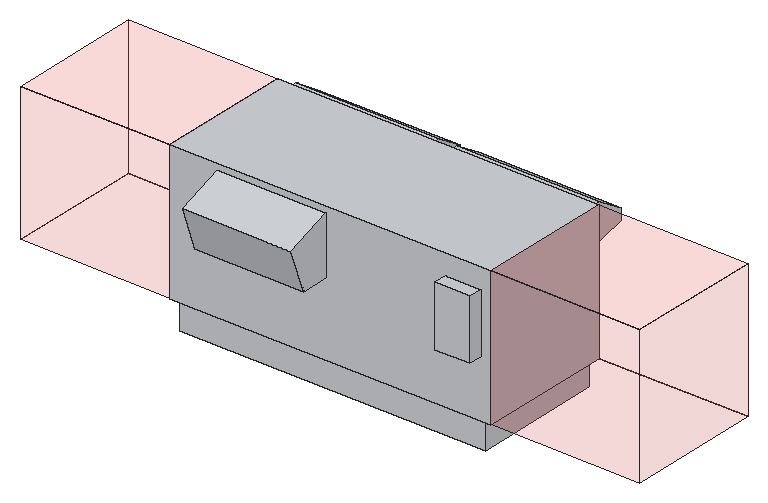
Revit family
Parameters (values of type "208 V Single Phase")
  Weight Scheduled [instance] = 2765  # constant formula
  Voltage Workaround = Voltage / 1 V  # 208
  Voltage Scheduled = Voltage  # 208 V
  Voltage = 208 V
  VoltAmps Workaround [instance] = Voltage Workaround * Total FLA * sqrt(Phase)  # 0
  VoltAmps [instance] = VoltAmps Workaround * 1 VA  # 0 VA
  VFD [instance] = yes
  URL = "http://www.renewaire.com/products/commercial-products/outdoor-models/le8xrt"
  Total FLA [instance] = if(or(Supply Motor FLA = 0, Exhaust Motor FLA = 0), 0, (Supply Motor FLA * Supply Motor Count) + (Exhaust Motor FLA * Exhaust Motor Count))  # 0
  Supply Motor RPM Scheduled [instance] = Supply Motor RPM  # 0
  Supply Motor RPM [instance] = if(and(or(Supply ESP = 0, Supply ESP > 0), Supply ESP < 0.25), if(Supply Motor HP = 3, if(Supply CFM > 6890 CFM, 0, if(Supply CFM > 6460 CFM, 837, if(Supply CFM > 6030 CFM, 796, if(Supply CFM > 5590 CFM, 755, if(Supply CFM > 5140 CFM, 714, if(Supply CFM > 4670 CFM, 673, 632)))))), if(Supply Motor HP = 5, if(Supply CFM > 8430 CFM, 0, if(Supply CFM > 7970 CFM, 982, if(Supply CFM > 7530 CFM, 940, if(Supply CFM > 7090 CFM, 898, if(Supply CFM > 6890 CFM, 857, if(Supply CFM > 6220 CFM, 815, 773)))))), if(Supply Motor HP = 7.5, if(Supply CFM > 8800 CFM, 0, if(Supply CFM > 8630 CFM, 1041, 1000)), 0))), if(and(or(Supply ESP = 0.25, Supply ESP > 0.25), Supply ESP < 0.5), if(Supply Motor HP = 3, if(Supply CFM > 6010 CFM, 0, if(Supply CFM > 5520 CFM, 837, if(Supply CFM > 5020 CFM, 796, if(Supply CFM > 4500 CFM, 755, if(Supply CFM > 3960 CFM, 714, if(Supply CFM > 3390 CFM, 673, 632)))))), if(Supply Motor HP = 5, if(Supply CFM > 7730 CFM, 0, if(Supply CFM > 7230 CFM, 982, if(Supply CFM > 6740 CFM, 940, if(Supply CFM > 6250 CFM, 898, if(Supply CFM > 6010 CFM, 857, if(Supply CFM > 5240 CFM, 815, 773)))))), if(Supply Motor HP = 7.5, if(Supply CFM > 8800 CFM, 0, if(Supply CFM > 8450 CFM, 1082, if(Supply CFM > 7950 CFM, 1041, 1000))), 0))), if(and(or(Supply ESP = 0.5, Supply ESP > 0.5), Supply ESP < 0.75), if(Supply Motor HP = 3, if(Supply CFM > 5040 CFM, 0, if(Supply CFM > 4470 CFM, 837, if(Supply CFM > 3880 CFM, 796, if(Supply CFM > 3260 CFM, 755, if(Supply CFM > 2620 CFM, 714, 673))))), if(Supply Motor HP = 5, if(Supply CFM > 6980 CFM, 0, if(Supply CFM > 6420 CFM, 982, if(Supply CFM > 5870 CFM, 940, if(Supply CFM > 5310 CFM, 898, if(Supply CFM > 5040 CFM, 857, if(Supply CFM > 4140 CFM, 815, 773)))))), if(Supply Motor HP = 7.5, if(Supply CFM > 8800 CFM, 0, if(Supply CFM > 8310 CFM, 1122, if(Supply CFM > 7760 CFM, 1082, if(Supply CFM > 7210 CFM, 1041, 1000)))), 0))), if(and(or(Supply ESP = 0.75, Supply ESP > 0.75), Supply ESP < 1), if(Supply Motor HP = 3, if(Supply CFM > 3920 CFM, 0, if(Supply CFM > 3250 CFM, 837, if(Supply CFM > 2540 CFM, 796, 755))), if(Supply Motor HP = 5, if(Supply CFM > 6140 CFM, 0, if(Supply CFM > 5520 CFM, 982, if(Supply CFM > 4880 CFM, 940, if(Supply CFM > 4240 CFM, 898, if(Supply CFM > 3920 CFM, 857, if(Supply CFM > 2850 CFM, 815, 773)))))), if(Supply Motor HP = 7.5, if(Supply CFM > 8500 CFM, 0, if(Supply CFM > 8190 CFM, 1163, if(Supply CFM > 7600 CFM, 1122, if(Supply CFM > 7000 CFM, 1082, if(Supply CFM > 6400 CFM, 1041, 1000))))), 0))), if(and(or(Supply ESP = 1, Supply ESP > 1), Supply ESP < 1.25), if(Supply Motor HP = 3, if(Supply CFM > 2570 CFM, 837, 0), if(Supply Motor HP = 5, if(Supply CFM > 5180 CFM, 0, if(Supply CFM > 4470 CFM, 982, if(Supply CFM > 3730 CFM, 940, if(Supply CFM > 2960 CFM, 898, if(Supply CFM > 2570 CFM, 857, if(Supply CFM > 1240 CFM, 815, 773)))))), if(Supply Motor HP = 7.5, if(Supply CFM > 8120 CFM, 0, if(Supply CFM > 7460 CFM, 1163, if(Supply CFM > 6820 CFM, 1122, if(Supply CFM > 6160 CFM, 1082, if(Supply CFM > 5480 CFM, 1041, 1000))))), 0))), if(and(or(Supply ESP = 1.25, Supply ESP > 1.25), Supply ESP < 1.5), if(Supply Motor HP = 5, if(Supply CFM > 4050 CFM, 0, if(Supply CFM > 3180 CFM, 982, if(Supply CFM > 2250 CFM, 940, 898))), if(Supply Motor HP = 7.5, if(Supply CFM > 7370 CFM, 0, if(Supply CFM > 6640 CFM, 1163, if(Supply CFM > 5930 CFM, 1122, if(Supply CFM > 5180 CFM, 1082, if(Supply CFM > 4400 CFM, 1041, 1000))))), 0)), if(and(or(Supply ESP = 1.5, Supply ESP > 1.5), Supply ESP < 1.75), if(Supply Motor HP = 5, if(Supply CFM > 2550 CFM, 982, 0), if(Supply Motor HP = 7.5, if(Supply CFM > 7310 CFM, 0, if(Supply CFM > 6510 CFM, 1204, if(Supply CFM > 5700 CFM, 1163, if(Supply CFM > 4880 CFM, 1122, if(Supply CFM > 3980 CFM, 1082, if(Supply CFM > 3010 CFM, 1041, 1000)))))), 0)), if(and(or(Supply ESP = 1.75, Supply ESP > 1.75), Supply ESP < 2), if(Supply Motor HP = 7.5, if(Supply CFM > 6420 CFM, 0, if(Supply CFM > 5500 CFM, 1204, if(Supply CFM > 4540 CFM, 1163, if(Supply CFM > 3510 CFM, 1122, if(Supply CFM > 2270 CFM, 1082, 1041))))), 0), if(Supply ESP = 2, if(Supply Motor HP = 7.5, if(Supply CFM > 5320 CFM, 0, if(Supply CFM > 4200 CFM, 1204, if(Supply CFM > 2870 CFM, 1163, 1122))), 0), 0)))))))))  # 0
  Supply Motor HP Scheduled [instance] = Supply Motor HP  # 0
  Supply Motor HP [instance] = 0
  Supply Motor FLA [instance] = if(VFD, if(Supply Motor BHP = 0, 0, if(Supply Motor HP = 3, if(and(or(Voltage = 208 V, Voltage = 230 V), Phase = 1), 9.38, if(and(or(Voltage = 208 V, Voltage = 230 V), Phase = 3), 9.38, if(and(Voltage = 460 V, Phase = 3), 4.24, if(and(Voltage = 575 V, Phase = 3), 3.3, 0)))), if(Supply Motor HP = 5, if(and(or(Voltage = 208 V, Voltage = 230 V), Phase = 3), 14.5, if(and(Voltage = 460 V, Phase = 3), 6.7, if(and(Voltage = 575 V, Phase = 3), 5.3, 0))), if(Supply Motor HP = 7.5, if(and(or(Voltage = 208 V, Voltage = 230 V), Phase = 3), 21, if(and(Voltage = 460 V, Phase = 3), 9.4, if(and(Voltage = 575 V, Phase = 3), 7.6, 0))), 0)))), if(Supply Motor BHP = 0, 0, if(Supply Motor HP = 3, if(and(or(Voltage = 208 V, Voltage = 230 V), Phase = 1), 14.7, if(and(or(Voltage = 208 V, Voltage = 230 V), Phase = 3), 9.38, if(and(Voltage = 460 V, Phase = 3), 4.24, if(and(Voltage = 575 V, Phase = 3), 3.3, 0)))), if(Supply Motor HP = 5, if(and(or(Voltage = 208 V, Voltage = 230 V), Phase = 3), 14.5, if(and(Voltage = 460 V, Phase = 3), 6.7, if(and(Voltage = 575 V, Phase = 3), 5.3, 0))), if(Supply Motor HP = 7.5, if(and(or(Voltage = 208 V, Voltage = 230 V), Phase = 3), 21, if(and(Voltage = 460 V, Phase = 3), 9.4, if(and(Voltage = 575 V, Phase = 3), 7.6, 0))), 0)))))  # 0
  Supply Motor Count Scheduled [instance] = Supply Motor Count  # 1
  Supply Motor Count [instance] = 1  # constant formula
  Supply Motor BHP [instance] = if(and(or(Supply ESP = 0, Supply ESP > 0), Supply ESP < 0.25), if(Supply Motor HP = 3, if(Supply CFM > 6890 CFM, 0, if(Supply CFM > 6460 CFM, 3.2, if(Supply CFM > 6030 CFM, 2.8, if(Supply CFM > 5590 CFM, 2.4, if(Supply CFM > 5140 CFM, 2.1, if(Supply CFM > 4670 CFM, 1.8, 1.6)))))), if(Supply Motor HP = 5, if(Supply CFM > 8430 CFM, 0, if(Supply CFM > 7970 CFM, 5.3, if(Supply CFM > 7530 CFM, 4.6, if(Supply CFM > 7090 CFM, 4, if(Supply CFM > 6890 CFM, 3.4, if(Supply CFM > 6220 CFM, 3.2, 2.5)))))), if(Supply Motor HP = 7.5, if(Supply CFM > 8800 CFM, 0, if(Supply CFM > 8630 CFM, 6.2, 5.6)), 0))), if(and(or(Supply ESP = 0.25, Supply ESP > 0.25), Supply ESP < 0.5), if(Supply Motor HP = 3, if(Supply CFM > 6010 CFM, 0, if(Supply CFM > 5520 CFM, 2.9, if(Supply CFM > 5020 CFM, 2.5, if(Supply CFM > 4500 CFM, 2.1, if(Supply CFM > 3960 CFM, 1.8, if(Supply CFM > 3390 CFM, 1.6, 1.5)))))), if(Supply Motor HP = 5, if(Supply CFM > 7730 CFM, 0, if(Supply CFM > 7230 CFM, 4.9, if(Supply CFM > 6740 CFM, 4.3, if(Supply CFM > 6250 CFM, 3.6, if(Supply CFM > 6010 CFM, 3.1, if(Supply CFM > 5240 CFM, 2.9, 2.2)))))), if(Supply Motor HP = 7.5, if(Supply CFM > 8800 CFM, 0, if(Supply CFM > 8450 CFM, 6.8, if(Supply CFM > 7950 CFM, 6, 5.2))), 0))), if(and(or(Supply ESP = 0.5, Supply ESP > 0.5), Supply ESP < 0.75), if(Supply Motor HP = 3, if(Supply CFM > 5040 CFM, 0, if(Supply CFM > 4470 CFM, 2.5, if(Supply CFM > 3880 CFM, 2.1, if(Supply CFM > 3260 CFM, 1.8, if(Supply CFM > 2620 CFM, 1.5, 1.4))))), if(Supply Motor HP = 5, if(Supply CFM > 6980 CFM, 0, if(Supply CFM > 6420 CFM, 4.5, if(Supply CFM > 5870 CFM, 3.9, if(Supply CFM > 5310 CFM, 3.3, if(Supply CFM > 5040 CFM, 2.8, if(Supply CFM > 4140 CFM, 2.5, 1.9)))))), if(Supply Motor HP = 7.5, if(Supply CFM > 8800 CFM, 0, if(Supply CFM > 8310 CFM, 7.2, if(Supply CFM > 7760 CFM, 6.4, if(Supply CFM > 7210 CFM, 5.6, 4.8)))), 0))), if(and(or(Supply ESP = 0.75, Supply ESP > 0.75), Supply ESP < 1), if(Supply Motor HP = 3, if(Supply CFM > 3920 CFM, 0, if(Supply CFM > 3250 CFM, 2.1, if(Supply CFM > 2540 CFM, 1.7, 1.4))), if(Supply Motor HP = 5, if(Supply CFM > 6140 CFM, 0, if(Supply CFM > 5520 CFM, 4.1, if(Supply CFM > 4880 CFM, 3.5, if(Supply CFM > 4240 CFM, 2.9, if(Supply CFM > 3920 CFM, 2.4, if(Supply CFM > 2850 CFM, 2.1, 1.6)))))), if(Supply Motor HP = 7.5, if(Supply CFM > 8500 CFM, 0, if(Supply CFM > 8190 CFM, 7.5, if(Supply CFM > 7600 CFM, 6.8, if(Supply CFM > 7000 CFM, 6, if(Supply CFM > 6400 CFM, 5.2, 4.4))))), 0))), if(and(or(Supply ESP = 1, Supply ESP > 1), Supply ESP < 1.25), if(Supply Motor HP = 3, if(Supply CFM > 2570 CFM, 1.6, 0), if(Supply Motor HP = 5, if(Supply CFM > 5180 CFM, 0, if(Supply CFM > 4470 CFM, 3.6, if(Supply CFM > 3730 CFM, 3, if(Supply CFM > 2960 CFM, 2.4, if(Supply CFM > 2570 CFM, 1.9, if(Supply CFM > 1240 CFM, 1.6, 1.1)))))), if(Supply Motor HP = 7.5, if(Supply CFM > 8120 CFM, 0, if(Supply CFM > 7460 CFM, 7.3, if(Supply CFM > 6820 CFM, 6.4, if(Supply CFM > 6160 CFM, 5.5, if(Supply CFM > 5480 CFM, 4.7, 3.9))))), 0))), if(and(or(Supply ESP = 1.25, Supply ESP > 1.25), Supply ESP < 1.5), if(Supply Motor HP = 5, if(Supply CFM > 4050 CFM, 0, if(Supply CFM > 3180 CFM, 3.1, if(Supply CFM > 2250 CFM, 2.4, 1.7))), if(Supply Motor HP = 7.5, if(Supply CFM > 7370 CFM, 0, if(Supply CFM > 6640 CFM, 6.8, if(Supply CFM > 5930 CFM, 5.9, if(Supply CFM > 5180 CFM, 5, if(Supply CFM > 4400 CFM, 4.2, 3.4))))), 0)), if(and(or(Supply ESP = 1.5, Supply ESP > 1.5), Supply ESP < 1.75), if(Supply Motor HP = 5, if(Supply CFM > 2550 CFM, 2.3, 0), if(Supply Motor HP = 7.5, if(Supply CFM > 7310 CFM, 0, if(Supply CFM > 6510 CFM, 7.3, if(Supply CFM > 5700 CFM, 6.3, if(Supply CFM > 4880 CFM, 5.3, if(Supply CFM > 3980 CFM, 4.4, if(Supply CFM > 3010 CFM, 3.5, 2.7)))))), 0)), if(and(or(Supply ESP = 1.75, Supply ESP > 1.75), Supply ESP < 2), if(Supply Motor HP = 7.5, if(Supply CFM > 6420 CFM, 0, if(Supply CFM > 5500 CFM, 6.7, if(Supply CFM > 4540 CFM, 5.6, if(Supply CFM > 3510 CFM, 4.6, if(Supply CFM > 2270 CFM, 3.6, 2.6))))), 0), if(Supply ESP = 2, if(Supply Motor HP = 7.5, if(Supply CFM > 5320 CFM, 0, if(Supply CFM > 4200 CFM, 6, if(Supply CFM > 2870 CFM, 4.8, 3.6))), 0), 0)))))))))  # 0
  Supply ESP Scheduled [instance] = Supply ESP  # 0
  Supply ESP [instance] = 0
  Supply CFM Scheduled [instance] = Supply CFM  # 0 CFM
  Supply CFM [instance] = 0 CFM
  Supply Air Winter RH Scheduled [instance] = 0
  Supply Air Winter DB Scheduled [instance] = 0
  Supply Air Summer RH Scheduled [instance] = 0
  Supply Air Summer DB Scheduled [instance] = 0
  Phase Scheduled = Phase  # 1
  Phase = 1
  Outside Air Winter RH Scheduled [instance] = 0
  Outside Air Winter DB Scheduled [instance] = 0
  Outside Air Summer RH Scheduled [instance] = 0
  Outside Air Summer DB Scheduled [instance] = 0
  Number of Poles = 2
  Model = "LE8XRTV"
  Manufacturer = "RenewAire"
  MOCP Scheduled [instance] = MOCP  # 0
  MOCP [instance] = if(Total FLA = 0, 0, if(VFD, if(and(or(Voltage = 208 V, Voltage = 230 V), Phase = 1), if(and(Supply Motor HP = 3, Exhaust Motor HP = 3), 45, 0), if(and(or(Voltage = 208 V, Voltage = 230 V), Phase = 3), if(and(Supply Motor HP = 3, Exhaust Motor HP = 3), 25, if(and(Supply Motor HP = 3, Exhaust Motor HP = 5), 40, if(and(Supply Motor HP = 3, Exhaust Motor HP = 7.5), 50, if(and(Supply Motor HP = 5, Exhaust Motor HP = 3), 40, if(and(Supply Motor HP = 5, Exhaust Motor HP = 5), 45, if(and(Supply Motor HP = 5, Exhaust Motor HP = 7.5), 60, if(and(Supply Motor HP = 7.5, Exhaust Motor HP = 3), 50, if(and(Supply Motor HP = 7.5, Exhaust Motor HP = 5), 60, if(and(Supply Motor HP = 7.5, Exhaust Motor HP = 7.5), 60, 0))))))))), if(and(Voltage = 460 V, Phase = 3), if(and(Supply Motor HP = 3, Exhaust Motor HP = 3), 15, if(and(Supply Motor HP = 3, Exhaust Motor HP = 5), 15, if(and(Supply Motor HP = 3, Exhaust Motor HP = 7.5), 20, if(and(Supply Motor HP = 5, Exhaust Motor HP = 3), 15, if(and(Supply Motor HP = 5, Exhaust Motor HP = 5), 20, if(and(Supply Motor HP = 5, Exhaust Motor HP = 7.5), 25, if(and(Supply Motor HP = 7.5, Exhaust Motor HP = 3), 20, if(and(Supply Motor HP = 7.5, Exhaust Motor HP = 5), 25, if(and(Supply Motor HP = 7.5, Exhaust Motor HP = 7.5), 30, 0))))))))), if(and(Voltage = 575 V, Phase = 3), if(and(Supply Motor HP = 3, Exhaust Motor HP = 3), 15, if(and(Supply Motor HP = 3, Exhaust Motor HP = 5), 15, if(and(Supply Motor HP = 3, Exhaust Motor HP = 7.5), 20, if(and(Supply Motor HP = 5, Exhaust Motor HP = 3), 15, if(and(Supply Motor HP = 5, Exhaust Motor HP = 5), 15, if(and(Supply Motor HP = 5, Exhaust Motor HP = 7.5), 20, if(and(Supply Motor HP = 7.5, Exhaust Motor HP = 3), 20, if(and(Supply Motor HP = 7.5, Exhaust Motor HP = 5), 20, if(and(Supply Motor HP = 7.5, Exhaust Motor HP = 7.5), 20, 0))))))))), 0)))), if(and(or(Voltage = 208 V, Voltage = 230 V), Phase = 1), if(and(Supply Motor HP = 3, Exhaust Motor HP = 3), 40, 0), if(and(or(Voltage = 208 V, Voltage = 230 V), Phase = 3), if(and(Supply Motor HP = 3, Exhaust Motor HP = 3), 25, if(and(Supply Motor HP = 3, Exhaust Motor HP = 5), 40, if(and(Supply Motor HP = 3, Exhaust Motor HP = 7.5), 50, if(and(Supply Motor HP = 5, Exhaust Motor HP = 3), 40, if(and(Supply Motor HP = 5, Exhaust Motor HP = 5), 45, if(and(Supply Motor HP = 5, Exhaust Motor HP = 7.5), 60, if(and(Supply Motor HP = 7.5, Exhaust Motor HP = 3), 50, if(and(Supply Motor HP = 7.5, Exhaust Motor HP = 5), 60, if(and(Supply Motor HP = 7.5, Exhaust Motor HP = 7.5), 60, 0))))))))), if(and(Voltage = 460 V, Phase = 3), if(and(Supply Motor HP = 3, Exhaust Motor HP = 3), 15, if(and(Supply Motor HP = 3, Exhaust Motor HP = 5), 15, if(and(Supply Motor HP = 3, Exhaust Motor HP = 7.5), 20, if(and(Supply Motor HP = 5, Exhaust Motor HP = 3), 15, if(and(Supply Motor HP = 5, Exhaust Motor HP = 5), 20, if(and(Supply Motor HP = 5, Exhaust Motor HP = 7.5), 25, if(and(Supply Motor HP = 7.5, Exhaust Motor HP = 3), 20, if(and(Supply Motor HP = 7.5, Exhaust Motor HP = 5), 25, if(and(Supply Motor HP = 7.5, Exhaust Motor HP = 7.5), 30, 0))))))))), if(and(Voltage = 575 V, Phase = 3), if(and(Supply Motor HP = 3, Exhaust Motor HP = 3), 15, if(and(Supply Motor HP = 3, Exhaust Motor HP = 5), 15, if(and(Supply Motor HP = 3, Exhaust Motor HP = 7.5), 20, if(and(Supply Motor HP = 5, Exhaust Motor HP = 3), 15, if(and(Supply Motor HP = 5, Exhaust Motor HP = 5), 15, if(and(Supply Motor HP = 5, Exhaust Motor HP = 7.5), 20, if(and(Supply Motor HP = 7.5, Exhaust Motor HP = 3), 20, if(and(Supply Motor HP = 7.5, Exhaust Motor HP = 5), 20, if(and(Supply Motor HP = 7.5, Exhaust Motor HP = 7.5), 20, 0))))))))), 0))))))  # 0
  MCA Scheduled [instance] = MCA  # 0
  MCA [instance] = if(Total FLA = 0, 0, if(VFD, if(and(or(Voltage = 208 V, Voltage = 230 V), Phase = 1), if(and(Supply Motor HP = 3, Exhaust Motor HP = 3), 40.2, 0), if(and(or(Voltage = 208 V, Voltage = 230 V), Phase = 3), if(and(Supply Motor HP = 3, Exhaust Motor HP = 3), 23.2, if(and(Supply Motor HP = 3, Exhaust Motor HP = 5), 30.3, if(and(Supply Motor HP = 3, Exhaust Motor HP = 7.5), 36.2, if(and(Supply Motor HP = 5, Exhaust Motor HP = 3), 30.3, if(and(Supply Motor HP = 5, Exhaust Motor HP = 5), 35.9, if(and(Supply Motor HP = 5, Exhaust Motor HP = 7.5), 44.8, if(and(Supply Motor HP = 7.5, Exhaust Motor HP = 3), 39.2, if(and(Supply Motor HP = 7.5, Exhaust Motor HP = 5), 44.8, if(and(Supply Motor HP = 7.5, Exhaust Motor HP = 7.5), 52, 0))))))))), if(and(Voltage = 460 V, Phase = 3), if(and(Supply Motor HP = 3, Exhaust Motor HP = 3), 10.5, if(and(Supply Motor HP = 3, Exhaust Motor HP = 5), 13.9, if(and(Supply Motor HP = 3, Exhaust Motor HP = 7.5), 17.6, if(and(Supply Motor HP = 5, Exhaust Motor HP = 3), 13.9, if(and(Supply Motor HP = 5, Exhaust Motor HP = 5), 16.6, if(and(Supply Motor HP = 5, Exhaust Motor HP = 7.5), 20.3, if(and(Supply Motor HP = 7.5, Exhaust Motor HP = 3), 17.6, if(and(Supply Motor HP = 7.5, Exhaust Motor HP = 5), 20.3, if(and(Supply Motor HP = 7.5, Exhaust Motor HP = 7.5), 23.3, 0))))))))), if(and(Voltage = 575 V, Phase = 3), if(and(Supply Motor HP = 3, Exhaust Motor HP = 3), 8.2, if(and(Supply Motor HP = 3, Exhaust Motor HP = 5), 10.9, if(and(Supply Motor HP = 3, Exhaust Motor HP = 7.5), 14.1, if(and(Supply Motor HP = 5, Exhaust Motor HP = 3), 10.9, if(and(Supply Motor HP = 5, Exhaust Motor HP = 5), 13.1, if(and(Supply Motor HP = 5, Exhaust Motor HP = 7.5), 16.3, if(and(Supply Motor HP = 7.5, Exhaust Motor HP = 3), 14.1, if(and(Supply Motor HP = 7.5, Exhaust Motor HP = 5), 16.3, if(and(Supply Motor HP = 7.5, Exhaust Motor HP = 7.5), 18.8, 0))))))))), 0)))), if(and(or(Voltage = 208 V, Voltage = 230 V), Phase = 1), if(and(Supply Motor HP = 3, Exhaust Motor HP = 3), 33.1, 0), if(and(or(Voltage = 208 V, Voltage = 230 V), Phase = 3), if(and(Supply Motor HP = 3, Exhaust Motor HP = 3), 21.1, if(and(Supply Motor HP = 3, Exhaust Motor HP = 5), 27.5, if(and(Supply Motor HP = 3, Exhaust Motor HP = 7.5), 35.6, if(and(Supply Motor HP = 5, Exhaust Motor HP = 3), 27.5, if(and(Supply Motor HP = 5, Exhaust Motor HP = 5), 32.6, if(and(Supply Motor HP = 5, Exhaust Motor HP = 7.5), 40.8, if(and(Supply Motor HP = 7.5, Exhaust Motor HP = 3), 35.6, if(and(Supply Motor HP = 7.5, Exhaust Motor HP = 5), 40.8, if(and(Supply Motor HP = 7.5, Exhaust Motor HP = 7.5), 47.3, 0))))))))), if(and(Voltage = 460 V, Phase = 3), if(and(Supply Motor HP = 3, Exhaust Motor HP = 3), 9.5, if(and(Supply Motor HP = 3, Exhaust Motor HP = 5), 12.6, if(and(Supply Motor HP = 3, Exhaust Motor HP = 7.5), 16, if(and(Supply Motor HP = 5, Exhaust Motor HP = 3), 12.6, if(and(Supply Motor HP = 5, Exhaust Motor HP = 5), 15.1, if(and(Supply Motor HP = 5, Exhaust Motor HP = 7.5), 18.5, if(and(Supply Motor HP = 7.5, Exhaust Motor HP = 3), 16, if(and(Supply Motor HP = 7.5, Exhaust Motor HP = 5), 18.5, if(and(Supply Motor HP = 7.5, Exhaust Motor HP = 7.5), 21.2, 0))))))))), if(and(Voltage = 575 V, Phase = 3), if(and(Supply Motor HP = 3, Exhaust Motor HP = 3), 7.4, if(and(Supply Motor HP = 3, Exhaust Motor HP = 5), 9.9, if(and(Supply Motor HP = 3, Exhaust Motor HP = 7.5), 12.8, if(and(Supply Motor HP = 5, Exhaust Motor HP = 3), 9.9, if(and(Supply Motor HP = 5, Exhaust Motor HP = 5), 11.9, if(and(Supply Motor HP = 5, Exhaust Motor HP = 7.5), 14.8, if(and(Supply Motor HP = 7.5, Exhaust Motor HP = 3), 12.8, if(and(Supply Motor HP = 7.5, Exhaust Motor HP = 5), 14.8, if(and(Supply Motor HP = 7.5, Exhaust Motor HP = 7.5), 17.1, 0))))))))), 0))))))  # 0
  FLA Scheduled [instance] = Total FLA  # 0
  Exhaust RH Scheduled [instance] = 0
  Exhaust Motor RPM Scheduled [instance] = Exhaust Motor RPM  # 0
  Exhaust Motor RPM [instance] = if(and(or(Exhaust ESP = 0, Exhaust ESP > 0), Exhaust ESP < 0.25), if(Exhaust Motor HP = 3, if(Exhaust CFM > 6890 CFM, 0, if(Exhaust CFM > 6460 CFM, 837, if(Exhaust CFM > 6030 CFM, 796, if(Exhaust CFM > 5590 CFM, 755, if(Exhaust CFM > 5140 CFM, 714, if(Exhaust CFM > 4670 CFM, 673, 632)))))), if(Exhaust Motor HP = 5, if(Exhaust CFM > 8430 CFM, 0, if(Exhaust CFM > 7970 CFM, 982, if(Exhaust CFM > 7530 CFM, 940, if(Exhaust CFM > 7090 CFM, 898, if(Exhaust CFM > 6890 CFM, 857, if(Exhaust CFM > 6220 CFM, 815, 773)))))), if(Exhaust Motor HP = 7.5, if(Exhaust CFM > 8800 CFM, 0, if(Exhaust CFM > 8630 CFM, 1041, 1000)), 0))), if(and(or(Exhaust ESP = 0.25, Exhaust ESP > 0.25), Exhaust ESP < 0.5), if(Exhaust Motor HP = 3, if(Exhaust CFM > 6010 CFM, 0, if(Exhaust CFM > 5520 CFM, 837, if(Exhaust CFM > 5020 CFM, 796, if(Exhaust CFM > 4500 CFM, 755, if(Exhaust CFM > 3960 CFM, 714, if(Exhaust CFM > 3390 CFM, 673, 632)))))), if(Exhaust Motor HP = 5, if(Exhaust CFM > 7730 CFM, 0, if(Exhaust CFM > 7230 CFM, 982, if(Exhaust CFM > 6740 CFM, 940, if(Exhaust CFM > 6250 CFM, 898, if(Exhaust CFM > 6010 CFM, 857, if(Exhaust CFM > 5240 CFM, 815, 773)))))), if(Exhaust Motor HP = 7.5, if(Exhaust CFM > 8800 CFM, 0, if(Exhaust CFM > 8450 CFM, 1082, if(Exhaust CFM > 7950 CFM, 1041, 1000))), 0))), if(and(or(Exhaust ESP = 0.5, Exhaust ESP > 0.5), Exhaust ESP < 0.75), if(Exhaust Motor HP = 3, if(Exhaust CFM > 5040 CFM, 0, if(Exhaust CFM > 4470 CFM, 837, if(Exhaust CFM > 3880 CFM, 796, if(Exhaust CFM > 3260 CFM, 755, if(Exhaust CFM > 2620 CFM, 714, 673))))), if(Exhaust Motor HP = 5, if(Exhaust CFM > 6980 CFM, 0, if(Exhaust CFM > 6420 CFM, 982, if(Exhaust CFM > 5870 CFM, 940, if(Exhaust CFM > 5310 CFM, 898, if(Exhaust CFM > 5040 CFM, 857, if(Exhaust CFM > 4140 CFM, 815, 773)))))), if(Exhaust Motor HP = 7.5, if(Exhaust CFM > 8800 CFM, 0, if(Exhaust CFM > 8310 CFM, 1122, if(Exhaust CFM > 7760 CFM, 1082, if(Exhaust CFM > 7210 CFM, 1041, 1000)))), 0))), if(and(or(Exhaust ESP = 0.75, Exhaust ESP > 0.75), Exhaust ESP < 1), if(Exhaust Motor HP = 3, if(Exhaust CFM > 3920 CFM, 0, if(Exhaust CFM > 3250 CFM, 837, if(Exhaust CFM > 2540 CFM, 796, 755))), if(Exhaust Motor HP = 5, if(Exhaust CFM > 6140 CFM, 0, if(Exhaust CFM > 5520 CFM, 982, if(Exhaust CFM > 4880 CFM, 940, if(Exhaust CFM > 4240 CFM, 898, if(Exhaust CFM > 3920 CFM, 857, if(Exhaust CFM > 2850 CFM, 815, 773)))))), if(Exhaust Motor HP = 7.5, if(Exhaust CFM > 8500 CFM, 0, if(Exhaust CFM > 8190 CFM, 1163, if(Exhaust CFM > 7600 CFM, 1122, if(Exhaust CFM > 7000 CFM, 1082, if(Exhaust CFM > 6400 CFM, 1041, 1000))))), 0))), if(and(or(Exhaust ESP = 1, Exhaust ESP > 1), Exhaust ESP < 1.25), if(Exhaust Motor HP = 3, if(Exhaust CFM > 2570 CFM, 837, 0), if(Exhaust Motor HP = 5, if(Exhaust CFM > 5180 CFM, 0, if(Exhaust CFM > 4470 CFM, 982, if(Exhaust CFM > 3730 CFM, 940, if(Exhaust CFM > 2960 CFM, 898, if(Exhaust CFM > 2570 CFM, 857, if(Exhaust CFM > 1240 CFM, 815, 773)))))), if(Exhaust Motor HP = 7.5, if(Exhaust CFM > 8120 CFM, 0, if(Exhaust CFM > 7460 CFM, 1163, if(Exhaust CFM > 6820 CFM, 1122, if(Exhaust CFM > 6160 CFM, 1082, if(Exhaust CFM > 5480 CFM, 1041, 1000))))), 0))), if(and(or(Exhaust ESP = 1.25, Exhaust ESP > 1.25), Exhaust ESP < 1.5), if(Exhaust Motor HP = 5, if(Exhaust CFM > 4050 CFM, 0, if(Exhaust CFM > 3180 CFM, 982, if(Exhaust CFM > 2250 CFM, 940, 898))), if(Exhaust Motor HP = 7.5, if(Exhaust CFM > 7370 CFM, 0, if(Exhaust CFM > 6640 CFM, 1163, if(Exhaust CFM > 5930 CFM, 1122, if(Exhaust CFM > 5180 CFM, 1082, if(Exhaust CFM > 4400 CFM, 1041, 1000))))), 0)), if(and(or(Exhaust ESP = 1.5, Exhaust ESP > 1.5), Exhaust ESP < 1.75), if(Exhaust Motor HP = 5, if(Exhaust CFM > 2550 CFM, 982, 0), if(Exhaust Motor HP = 7.5, if(Exhaust CFM > 7310 CFM, 0, if(Exhaust CFM > 6510 CFM, 1204, if(Exhaust CFM > 5700 CFM, 1163, if(Exhaust CFM > 4880 CFM, 1122, if(Exhaust CFM > 3980 CFM, 1082, if(Exhaust CFM > 3010 CFM, 1041, 1000)))))), 0)), if(and(or(Exhaust ESP = 1.75, Exhaust ESP > 1.75), Exhaust ESP < 2), if(Exhaust Motor HP = 7.5, if(Exhaust CFM > 6420 CFM, 0, if(Exhaust CFM > 5500 CFM, 1204, if(Exhaust CFM > 4540 CFM, 1163, if(Exhaust CFM > 3510 CFM, 1122, if(Exhaust CFM > 2270 CFM, 1082, 1041))))), 0), if(Exhaust ESP = 2, if(Exhaust Motor HP = 7.5, if(Exhaust CFM > 5320 CFM, 0, if(Exhaust CFM > 4200 CFM, 1204, if(Exhaust CFM > 2870 CFM, 1163, 1122))), 0), 0)))))))))  # 0
  Exhaust Motor HP Scheduled [instance] = Exhaust Motor HP  # 0
  Exhaust Motor HP [instance] = 0
  Exhaust Motor FLA [instance] = if(VFD, if(Exhaust Motor BHP = 0, 0, if(Exhaust Motor HP = 3, if(and(or(Voltage = 208 V, Voltage = 230 V), Phase = 1), 9.38, if(and(or(Voltage = 208 V, Voltage = 230 V), Phase = 3), 9.38, if(and(Voltage = 460 V, Phase = 3), 4.24, if(and(Voltage = 575 V, Phase = 3), 3.3, 0)))), if(Exhaust Motor HP = 5, if(and(or(Voltage = 208 V, Voltage = 230 V), Phase = 3), 14.5, if(and(Voltage = 460 V, Phase = 3), 6.7, if(and(Voltage = 575 V, Phase = 3), 5.3, 0))), if(Exhaust Motor HP = 7.5, if(and(or(Voltage = 208 V, Voltage = 230 V), Phase = 3), 21, if(and(Voltage = 460 V, Phase = 3), 9.4, if(and(Voltage = 575 V, Phase = 3), 7.6, 0))), 0)))), if(Exhaust Motor BHP = 0, 0, if(Exhaust Motor HP = 3, if(and(or(Voltage = 208 V, Voltage = 230 V), Phase = 1), 14.7, if(and(or(Voltage = 208 V, Voltage = 230 V), Phase = 3), 9.38, if(and(Voltage = 460 V, Phase = 3), 4.24, if(and(Voltage = 575 V, Phase = 3), 3.3, 0)))), if(Exhaust Motor HP = 5, if(and(or(Voltage = 208 V, Voltage = 230 V), Phase = 3), 14.5, if(and(Voltage = 460 V, Phase = 3), 6.7, if(and(Voltage = 575 V, Phase = 3), 5.3, 0))), if(Exhaust Motor HP = 7.5, if(and(or(Voltage = 208 V, Voltage = 230 V), Phase = 3), 21, if(and(Voltage = 460 V, Phase = 3), 9.4, if(and(Voltage = 575 V, Phase = 3), 7.6, 0))), 0)))))  # 0
  Exhaust Motor Count Scheduled [instance] = Exhaust Motor Count  # 1
  Exhaust Motor Count [instance] = 1  # constant formula
  Exhaust Motor BHP [instance] = if(and(or(Exhaust ESP = 0, Exhaust ESP > 0), Exhaust ESP < 0.25), if(Exhaust Motor HP = 3, if(Exhaust CFM > 6890 CFM, 0, if(Exhaust CFM > 6460 CFM, 3.2, if(Exhaust CFM > 6030 CFM, 2.8, if(Exhaust CFM > 5590 CFM, 2.4, if(Exhaust CFM > 5140 CFM, 2.1, if(Exhaust CFM > 4670 CFM, 1.8, 1.6)))))), if(Exhaust Motor HP = 5, if(Exhaust CFM > 8430 CFM, 0, if(Exhaust CFM > 7970 CFM, 5.3, if(Exhaust CFM > 7530 CFM, 4.6, if(Exhaust CFM > 7090 CFM, 4, if(Exhaust CFM > 6890 CFM, 3.4, if(Exhaust CFM > 6220 CFM, 3.2, 2.5)))))), if(Exhaust Motor HP = 7.5, if(Exhaust CFM > 8800 CFM, 0, if(Exhaust CFM > 8630 CFM, 6.2, 5.6)), 0))), if(and(or(Exhaust ESP = 0.25, Exhaust ESP > 0.25), Exhaust ESP < 0.5), if(Exhaust Motor HP = 3, if(Exhaust CFM > 6010 CFM, 0, if(Exhaust CFM > 5520 CFM, 2.9, if(Exhaust CFM > 5020 CFM, 2.5, if(Exhaust CFM > 4500 CFM, 2.1, if(Exhaust CFM > 3960 CFM, 1.8, if(Exhaust CFM > 3390 CFM, 1.6, 1.5)))))), if(Exhaust Motor HP = 5, if(Exhaust CFM > 7730 CFM, 0, if(Exhaust CFM > 7230 CFM, 4.9, if(Exhaust CFM > 6740 CFM, 4.3, if(Exhaust CFM > 6250 CFM, 3.6, if(Exhaust CFM > 6010 CFM, 3.1, if(Exhaust CFM > 5240 CFM, 2.9, 2.2)))))), if(Exhaust Motor HP = 7.5, if(Exhaust CFM > 8800 CFM, 0, if(Exhaust CFM > 8450 CFM, 6.8, if(Exhaust CFM > 7950 CFM, 6, 5.2))), 0))), if(and(or(Exhaust ESP = 0.5, Exhaust ESP > 0.5), Exhaust ESP < 0.75), if(Exhaust Motor HP = 3, if(Exhaust CFM > 5040 CFM, 0, if(Exhaust CFM > 4470 CFM, 2.5, if(Exhaust CFM > 3880 CFM, 2.1, if(Exhaust CFM > 3260 CFM, 1.8, if(Exhaust CFM > 2620 CFM, 1.5, 1.4))))), if(Exhaust Motor HP = 5, if(Exhaust CFM > 6980 CFM, 0, if(Exhaust CFM > 6420 CFM, 4.5, if(Exhaust CFM > 5870 CFM, 3.9, if(Exhaust CFM > 5310 CFM, 3.3, if(Exhaust CFM > 5040 CFM, 2.8, if(Exhaust CFM > 4140 CFM, 2.5, 1.9)))))), if(Exhaust Motor HP = 7.5, if(Exhaust CFM > 8800 CFM, 0, if(Exhaust CFM > 8310 CFM, 7.2, if(Exhaust CFM > 7760 CFM, 6.4, if(Exhaust CFM > 7210 CFM, 5.6, 4.8)))), 0))), if(and(or(Exhaust ESP = 0.75, Exhaust ESP > 0.75), Exhaust ESP < 1), if(Exhaust Motor HP = 3, if(Exhaust CFM > 3920 CFM, 0, if(Exhaust CFM > 3250 CFM, 2.1, if(Exhaust CFM > 2540 CFM, 1.7, 1.4))), if(Exhaust Motor HP = 5, if(Exhaust CFM > 6140 CFM, 0, if(Exhaust CFM > 5520 CFM, 4.1, if(Exhaust CFM > 4880 CFM, 3.5, if(Exhaust CFM > 4240 CFM, 2.9, if(Exhaust CFM > 3920 CFM, 2.4, if(Exhaust CFM > 2850 CFM, 2.1, 1.6)))))), if(Exhaust Motor HP = 7.5, if(Exhaust CFM > 8500 CFM, 0, if(Exhaust CFM > 8190 CFM, 7.5, if(Exhaust CFM > 7600 CFM, 6.8, if(Exhaust CFM > 7000 CFM, 6, if(Exhaust CFM > 6400 CFM, 5.2, 4.4))))), 0))), if(and(or(Exhaust ESP = 1, Exhaust ESP > 1), Exhaust ESP < 1.25), if(Exhaust Motor HP = 3, if(Exhaust CFM > 2570 CFM, 1.6, 0), if(Exhaust Motor HP = 5, if(Exhaust CFM > 5180 CFM, 0, if(Exhaust CFM > 4470 CFM, 3.6, if(Exhaust CFM > 3730 CFM, 3, if(Exhaust CFM > 2960 CFM, 2.4, if(Exhaust CFM > 2570 CFM, 1.9, if(Exhaust CFM > 1240 CFM, 1.6, 1.1)))))), if(Exhaust Motor HP = 7.5, if(Exhaust CFM > 8120 CFM, 0, if(Exhaust CFM > 7460 CFM, 7.3, if(Exhaust CFM > 6820 CFM, 6.4, if(Exhaust CFM > 6160 CFM, 5.5, if(Exhaust CFM > 5480 CFM, 4.7, 3.9))))), 0))), if(and(or(Exhaust ESP = 1.25, Exhaust ESP > 1.25), Exhaust ESP < 1.5), if(Exhaust Motor HP = 5, if(Exhaust CFM > 4050 CFM, 0, if(Exhaust CFM > 3180 CFM, 3.1, if(Exhaust CFM > 2250 CFM, 2.4, 1.7))), if(Exhaust Motor HP = 7.5, if(Exhaust CFM > 7370 CFM, 0, if(Exhaust CFM > 6640 CFM, 6.8, if(Exhaust CFM > 5930 CFM, 5.9, if(Exhaust CFM > 5180 CFM, 5, if(Exhaust CFM > 4400 CFM, 4.2, 3.4))))), 0)), if(and(or(Exhaust ESP = 1.5, Exhaust ESP > 1.5), Exhaust ESP < 1.75), if(Exhaust Motor HP = 5, if(Exhaust CFM > 2550 CFM, 2.3, 0), if(Exhaust Motor HP = 7.5, if(Exhaust CFM > 7310 CFM, 0, if(Exhaust CFM > 6510 CFM, 7.3, if(Exhaust CFM > 5700 CFM, 6.3, if(Exhaust CFM > 4880 CFM, 5.3, if(Exhaust CFM > 3980 CFM, 4.4, if(Exhaust CFM > 3010 CFM, 3.5, 2.7)))))), 0)), if(and(or(Exhaust ESP = 1.75, Exhaust ESP > 1.75), Exhaust ESP < 2), if(Exhaust Motor HP = 7.5, if(Exhaust CFM > 6420 CFM, 0, if(Exhaust CFM > 5500 CFM, 6.7, if(Exhaust CFM > 4540 CFM, 5.6, if(Exhaust CFM > 3510 CFM, 4.6, if(Exhaust CFM > 2270 CFM, 3.6, 2.6))))), 0), if(Exhaust ESP = 2, if(Exhaust Motor HP = 7.5, if(Exhaust CFM > 5320 CFM, 0, if(Exhaust CFM > 4200 CFM, 6, if(Exhaust CFM > 2870 CFM, 4.8, 3.6))), 0), 0)))))))))  # 0
  Exhaust ESP Scheduled [instance] = Exhaust ESP  # 0
  Exhaust ESP [instance] = 0
  Exhaust DB Scheduled [instance] = 0
  Exhaust CFM Scheduled [instance] = Exhaust CFM  # 0 CFM
  Exhaust CFM [instance] = 0 CFM
  Enthalpy Effect Winter Scheduled [instance] = 0
  Enthalpy Effect Summer Scheduled [instance] = 0
Types (8): name | Voltage Workaround | Voltage Scheduled | Voltage | VFD | Phase Scheduled | Phase | Number of Poles
  (no name) | 208 | 208 V | 208 V | yes | 1 | 1 | 2
  208 V Single Phase | 208 | 208 V | 208 V | yes | 1 | 1 | 2
  230 V Single Phase | 230 | 230 V | 230 V | yes | 1 | 1 | 2
  277 V Single Phase | 277 | 277 V | 277 V | yes | 1 | 1 | 1
  208 V Three Phase | 208 | 208 V | 208 V | no | 3 | 3 | 3
  230 V Three Phase | 230 | 230 V | 230 V | yes | 3 | 3 | 3
  460 V Three Phase | 460 | 460 V | 460 V | yes | 3 | 3 | 3
  575 V Three Phase | 575 | 575 V | 575 V | yes | 3 | 3 | 3
Reference planes (in)
  plane 1 "Center (Front/Back)": y = 0
  plane 2: z = 0
  plane 3 "Center (Left/Right)": x = 0
Forms (in)
  Extrusion 1, solid
    sketch origin (0, 0, 0) x (1, 0, 0) y (0, 1, 0)
      loop
        line (-82.75, 34.875) -> (-82.75, -34.875) -> (82.75, -34.875) -> (82.75, 34.875) -> (-82.75, 34.875)
    from 14 to 85.125
  Extrusion 2, solid
    sketch origin (0, -1, 0) x (1, 0, 0) y (0, 1, 0)
      loop
        line (-78.8125, 34.3125) -> (-78.8125, -32.3125) -> (78.8125, -32.3125) -> (78.8125, 34.3125) -> (-78.8125, 34.3125)
    from 0 to 14
  Extrusion 3, solid
    sketch origin (-19.125, -9.3125, 27) x (0, 1, 0) y (0, 0, 1)
      loop
        line (-25.5625, 55.125) -> (-47.9375, 46.98117) -> (-39.89151, 24.875) -> (-25.5625, 24.875) -> (-25.5625, 55.125)
    from -39.125 to 16.875
  Extrusion 4, solid
    sketch origin (120.25, 38.875, 0) x (1, 0, 0) y (0, 1, 0)
      loop
        line (-37.5, -4) -> (-37.5, -73.75) -> (39.75, -73.75) -> (39.75, -4) -> (-37.5, -4)
    from 14 to 85.125
  Extrusion 5, solid
    sketch origin (-42.625, 9.375, 28) x (0, 1, 0) y (0, 0, 1)
      loop
        line (25.5, 54.125) -> (25.5, 34.4388) -> (45.125, 39.625) -> (45.125, 45.29469) -> (31.5625, 54.125) -> (25.5, 54.125)
    from -35.625 to 38
  Extrusion 6, solid
    sketch origin (20.0625, 0, 0) x (1, 0, 0) y (0, 0, 1)
      loop
        line (39.4375, 74.75) -> (39.4375, 43.625) -> (57.4375, 43.625) -> (57.4375, 74.75) -> (39.4375, 74.75)
    from 34.875 to 41.875
  Extrusion 7, solid
    sketch origin (-108.25, 38.875, 0) x (1, 0, 0) y (0, 1, 0)
      loop
        line (-51.75, -4) -> (-51.75, -73.75) -> (25.5, -73.75) -> (25.5, -4) -> (-51.75, -4)
    from 14 to 85.125
  Extrusion 8, solid
    sketch origin (40.25, 9.375, 28) x (0, 1, 0) y (0, 0, 1)
      loop
        line (25.5, 54.125) -> (25.5, 34.4388) -> (45.125, 39.625) -> (45.125, 45.29469) -> (31.5625, 54.125) -> (25.5, 54.125)
    from -35.625 to 38
Cuts and joins
  joined: Extrusion 1, Extrusion 2, Extrusion 3, Extrusion 5, Extrusion 6, Extrusion 8
Lines and regions (in)
  Split face 1
    outline origin (-5.27862, 33.3125, 0) x (0, -1, 0) y (1, 0, 0)
      loop
        line (31.125, 10.84112) -> (31.125, 59.84112) -> (6.125, 59.84112) -> (6.125, 10.84112) -> (31.125, 10.84112)
  Split face 2
    outline origin (-5.27862, 33.3125, 0) x (0, -1, 0) y (1, 0, 0)
      loop
        line (40.5, 10.84112) -> (60.5, 10.84112) -> (60.5, 59.84112) -> (40.5, 59.84112) -> (40.5, 10.84112)
Dimensions and locks (in)
  equal spacing: Extrusion 1 sketch curve, plane 3 "Center (Left/Right)", Extrusion 1 sketch curve
  equal spacing: Extrusion 1 sketch curve, plane 1 "Center (Front/Back)", Extrusion 1 sketch curve
  plane 1 "Center (Front/Back)" to Extrusion 1 sketch curve = 2' - 10 7/8"
  Extrusion 1 sketch curve to plane 3 "Center (Left/Right)" = 6' - 10 3/4"
Connectors (in)
  electrical at (68.5, -41.875, 59.1875), driven by "Number of Poles", driven by "Voltage", driven by "VoltAmps"
    settings: on cut or joined group of Extrusion 1, Extrusion 2, Extrusion 3, Extrusion 5, Extrusion 6, Extrusion 8, index 7, voltage 208 V, apparent load 0 VA, apparent load phase1 0 VA, apparent load phase2 0 VA, apparent load phase3 0 VA, power factor 1, load classification "HVAC", number of poles 2, system type 30, power factor state 1, is connector primary yes, connector utility no, sub classification motor no, connector description ""
  hvac at (30.0625, -17.1875, 0)
    settings: on cut or joined group of Extrusion 1, Extrusion 2, Extrusion 3, Extrusion 5, Extrusion 6, Extrusion 8, index 8, duct flow 0 CFM, flow factor 0, pres drop 0.00 in-wg, loss coef 0, conn angle 0.00°, conn width 48", conn height 19", conn radius 12", duct sys type 1, conn prof type 1, flow config 0, flow direction 2, loss method 0, conn ref index -1, conn util no, is conn primary yes, conn desc ""
  hvac at (30.0625, 14.6875, 0)
    settings: on cut or joined group of Extrusion 1, Extrusion 2, Extrusion 3, Extrusion 5, Extrusion 6, Extrusion 8, index 9, duct flow 0 CFM, flow factor 0, pres drop 0.00 in-wg, loss coef 0, conn angle 0.00°, conn width 48", conn height 24", conn radius 12", duct sys type 2, conn prof type 1, flow config 0, flow direction 1, loss method 0, conn ref index -1, conn util no, is conn primary no, conn desc ""
